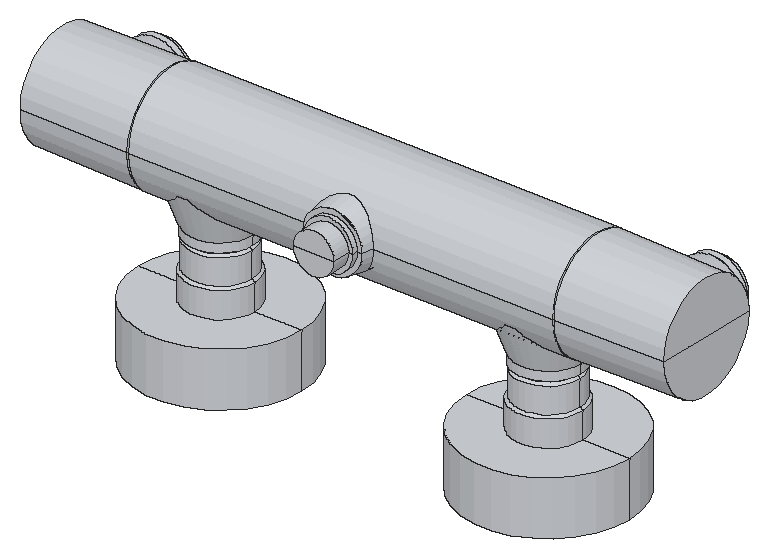
Revit family "ShowerMixer_Circular_Rs3_Thermostatic_Vitra_AquaHeatSeries-A47158", category Plumbing Fixtures, Revit 2017
Family settings
  Round Connector Dimension = Use Diameter
  Part Type = Normal
  OmniClass Number = 23.45.55.17
  OmniClass Title = Mixing Faucets
  Work Plane-Based = No
  Always vertical = No
  Cut with Voids When Loaded = No
  Shared = Yes
  Room Calculation Point = No
Parameters (values of type "ShowerMixer-Vitra-AquaHeatSeries-A47158")
  Youtube = "https://www.youtube.com/user/VitrAglobal"
  Width(mm) = 295 mm
  Weight Net (kg) = "2,370"
  Warranty Period (Year) = "10 Years"
  Uniformat II Description = "Plumbing Fixture"
  Uniformat II Code = "22 40 00"
  Uniclass 2015 Name = "Bath taps"
  Uniclass 2015 Code = "Pr_40_20_87_09"
  Uniclass 2.0 Description = "Bath taps"
  Uniclass 1.4 Description = "Mixer taps"
  Uniclass 2.0 Code = "Pr_40_20_87_09"
  Uniclass 1.4 Code = "L725111"
  URL = "https://vitraglobal.com/"
  UNSPSC Description = ""
  UNSPSC Code = "301815"
  Test Pressure = "16 bar"
  Technical description = "https://www.vitra.com.tr/pdf/A47158/"
  Tap hole Options (default) = ""
  Sustainability Performance = ""
  Specification = ""
  Region South America = "All"
  Region Oceania = "All"
  Region North America = "All"
  Region Middle East = "All"
  Region Europe = "All"
  Region Asia = "All"
  Region Antarctica = "All"
  Region Africa = "All"
  Range of flow pressure = "1 - 5 bar"
  Range of Hot Water Supply = "5 - 65 °C"
  Product url = ""
  Product group = "AquaHeat Shower Mixer"
  Product family = "AquaHeat"
  Product data url = "https://www.vitra.com.tr/armaturler/yikanma-alani-bataryalari/termostatik-bataryalar/aquaheat-rs3-dus-bataryasi-sku-A47158/"
  Product certification = "https://vitraglobal.com/catalogues/quality-certificates"
  Product Type = "Shower Mixer"
  Product SKU = "A47158"
  Product Properties = "Water Saving"
  Product Manual = ""
  Product Guid = ""
  Packaged Weight (kg) = ""
  Number Of Connections = 2 mm
  MountingType = "Wall Mounted"
  Min. flow pressure of = "0.5 bar"
  Main Material = "Brass"
  Hot Water temperature, factory set to = "38 °C"
  Hot Water Supply (max.) = "80 °C"
  HW Connection = yes
  GTIP code = ""
  Flow Rate(L/min. - 3 bar) = ""
  Features = ""
  EAN code = ""
  Date of publishing = ""
  Cost = 0
  Connection Diameter (mm) = 15 mm
  Coating Material = Chrome
  OmniClass Description = "Mixing Faucets"
  OmniClass Code = "23.45.55.17"
  Nominal width = "0.000"
  Nominal height = "0.000"
  NBS Referans Description = "Water supply fittings for baths"
  NBS Referans Code = "45-35-70/315"
  Model = "A47158"
  Masterformat 2014 Description = "Plumbing Fixtures"
  Masterformat 2014 Code = "22 40 00"
  Manufacturer name = "Vitra"
  Manufacturer = "Vitra"
  Installation instructions = ""
  IFC Classification = "Sanitary Terminal"
  Height(mm) = 78 mm
  Design country = "Turkey"
  Description = "Shower Mixer - Thermostatic"
  Depth(mm) = 112 mm
  Color = "Chrome"
  Calculated flow = ""
  CW Connection = yes
  COBIe Type Category = ""
  Brand = "Artema"
  BIMobject category = "Bath/Shower Mixer"
  Article No. (default) = "A47158"
  Approvals = ""
  ApplicationType = ""
  Accessories (default) = ""
Types (4, lengths in mm): name | Warranty Period (Year) | Technical description | Product data url | Product SKU | Model | Brand | Article No. (default)
  (no name) | "10 Years" | "https://www.vitra.com.tr/pdf/A47158/" | "https://www.vitra.com.tr/armaturler/yikanma-alani-bataryalari/termostatik-bataryalar/aquaheat-rs3-dus-bataryasi-sku-A47158/" | "A47158" | "A47158" | "Artema" | "A47158"
  ShowerMixer-Vitra-AquaHeatSeries-A47158 | "10 Years" | "https://www.vitra.com.tr/pdf/A47158/" | "https://www.vitra.com.tr/armaturler/yikanma-alani-bataryalari/termostatik-bataryalar/aquaheat-rs3-dus-bataryasi-sku-A47158/" | "A47158" | "A47158" | "Artema" | "A47158"
  ShowerMixer-Vitra-AquaHeatSeries-A47158EKM | "7 Years" | "http://cdn.vitra.com.tr/501-A47158EKM-2A.jpg" | "https://www.vitra-bad.fr/fr/produits-sanitaires/page-de-detail/product/aquaheat-rs3-mitigeur-thermostatique-douche-chrome-ecoulement-douche-12-1.html" | "A47158EKM" | "A47158EKM" | "VitrA" | "A47158EKM"
  ShowerMixer-Vitra-AquaHeatSeries-A47158EXP | "7 Years" | "https://www.vitra.com.tr/pdf/A47158/" | "https://www.vitra.com.tr/armaturler/yikanma-alani-bataryalari/termostatik-bataryalar/aquaheat-rs3-dus-bataryasi-sku-A47158/" | "A47158EXP" | "A47158EXP" | "VitrA" | "A47158EXP"
Reference planes
  plane 1 "Center (Front/Back)": y = 0
  plane 2: z = 0
  plane 3 "Center (Left/Right)": x = 0
  plane 4: y = 0
  plane 5: x = 147.4
  plane 6: x = -147.6
  plane 7: y = 37.5
  plane 8: y = -40.5
  plane 9: z = 112
Forms (mm)
  Revolve 1, solid
    sketch origin (147.4, 0, 87.402) x (1, 0, 0) y (0, 1, 0)
      loop
        line (-50.4, 22.651) -> (-50.4, 25) -> (-244.6, 25) -> (-244.6, 22.651) -> (-245.397, 22.651) -> (-245.397, 24.993) -> (-295, 24.127) -> (-295, 0) -> (0, 0) -> (0, 24.127) -> (-49.603, 24.993) -> (-49.603, 22.651) -> (-50.4, 22.651)
      axis (-295, 0) -> (0, 0)
    angle from 0 to 360
  Revolve 2, solid
    sketch origin (147.4, 0, 87.402) x (1, 0, 0) y (0, 1, 0)
      loop
        line (-5.947, 31.004) -> (-8.072, 31.004) -> (-8.072, 34.167)
        arc (-8.072, 34.167) -> (-13.997, 35.259) -> (-20.011, 35.625) r 49.604
        line (-20.011, 35.625) -> (-20.011, 13.457) -> (-2.291, 13.457) -> (-5.947, 28.119) -> (-5.947, 31.004)
      axis (-20.011, 35.625) -> (-20.011, 13.457)
    angle from 0 to 360
  Revolve 3, solid
    sketch origin (147.4, 0, 87.402) x (1, 0, 0) y (0, 1, 0)
      loop
        line (-147.4, -40.5) -> (-138.115, -40.5) -> (-138.115, -32.15) -> (-136.114, -32.15) -> (-136.114, -29.85) -> (-133.821, -29.85) -> (-129.571, -5.895) -> (-147.4, -5.895) -> (-147.4, -40.5)
      axis (-147.4, -5.895) -> (-147.4, -40.5)
    angle from 0 to 360
  Revolve 4, solid
    sketch origin (-147.4, 0, 87.402) x (-1, 0, 0) y (0, -1, 0)
      loop
        line (-5.747, -31.004) -> (-5.747, -28.119) -> (-2.091, -13.457) -> (-19.811, -13.457) -> (-19.811, -35.625)
        arc (-19.811, -35.625) -> (-13.797, -35.259) -> (-7.872, -34.167) r 49.604
        line (-7.872, -34.167) -> (-7.872, -31.004) -> (-5.747, -31.004)
      axis (-19.811, -35.625) -> (-19.811, -13.457)
    angle from 0 to 360
  Revolve 5, solid
    sketch origin (147.4, 0, 0) x (0, 0, 1) y (1, 0, 0)
      loop
        line (25, -34.9) -> (0, -34.9) -> (0, -72.4) -> (79.024, -72.4) -> (79.024, -49.106) -> (56.126, -57.44) -> (51.9, -57.44) -> (51.9, -61.938) -> (50.8, -61.938) -> (50.8, -58.982) -> (49.655, -57.837) -> (38.103, -57.837) -> (36.9, -56.635) -> (25, -56.635) -> (25, -34.9)
      axis (79.024, -72.4) -> (0, -72.4)
    angle from 0 to 360
  Revolve 6, solid
    sketch origin (-147.4, 0, 0) x (0, 0, 1) y (1, 0, 0)
      loop
        line (25, 34.7) -> (25, 56.435) -> (36.9, 56.435) -> (38.103, 57.637) -> (49.655, 57.637) -> (50.8, 58.782) -> (50.8, 61.738) -> (51.9, 61.738) -> (51.9, 57.24) -> (56.126, 57.24) -> (80.099, 48.515) -> (80.099, 72.2) -> (0, 72.2) -> (0, 34.7) -> (25, 34.7)
      axis (80.099, 72.2) -> (0, 72.2)
    angle from 0 to 360
Dimensions and locks
  "Width(mm)": plane 6 to plane 5
  "Height(mm)": plane 7 to plane 8
Automatic sketch dimensions
  plane 1 "Center (Front/Back)" to Revolve 1 sketch curve = 0 mm  (x2)
  Revolve 1 sketch curve to plane 6 = 0 mm
  Revolve 1 sketch curve to plane 5 = 0 mm
  Revolve 1 sketch curve to plane 7 = 12.507 mm  (x2)
  Revolve 1 sketch curve to plane 6 = 49.603 mm
  Revolve 1 sketch curve to Revolve 1 sketch curve = 0.797 mm  (x2)
  Revolve 1 sketch curve to plane 7 = 12.5 mm
  plane 5 to Revolve 1 sketch curve = 50.4 mm
  Revolve 1 sketch curve to Revolve 1 sketch curve = 2.342 mm  (x2)
  Revolve 1 sketch curve to plane 7 = 13.373 mm  (x2)
  Revolve 1 sketch curve to plane 3 "Center (Left/Right)" = 7.7 mm
  plane 3 "Center (Left/Right)" to Revolve 1 sketch curve = 49.45 mm
  plane 5 to Revolve 2 sketch curve = 20.011 mm
  Revolve 2 sketch curve to plane 7 = 3.333 mm
  plane 5 to Revolve 2 sketch curve = 8.072 mm
  Revolve 2 sketch curve to Revolve 2 sketch curve = 2.126 mm
  plane 5 to Revolve 2 sketch curve = 2.291 mm
  Revolve 2 sketch curve to Revolve 2 sketch curve = 3.164 mm
  Revolve 2 sketch curve to Revolve 2 sketch curve = 2.884 mm
  Revolve 2 sketch curve to plane 1 "Center (Front/Back)" = 13.457 mm
  plane 1 "Center (Front/Back)" to Revolve 2 sketch curve = 13.978 mm
  Revolve 2 sketch curve to Revolve 2 sketch curve = 0 mm
  Revolve 2 sketch curve to Revolve 2 sketch curve = 9.256 mm
  Revolve 2 sketch curve to Revolve 2 sketch curve = 5.096 mm
  Revolve 3 sketch curve to plane 3 "Center (Left/Right)" = 0 mm  (x2)
  Revolve 3 sketch curve to plane 8 = 0 mm
  plane 3 "Center (Left/Right)" to Revolve 3 sketch curve = 9.285 mm
  Revolve 3 sketch curve to Revolve 3 sketch curve = 2.001 mm
  Revolve 3 sketch curve to Revolve 3 sketch curve = 2.293 mm
  plane 1 "Center (Front/Back)" to Revolve 3 sketch curve = 5.895 mm
  plane 3 "Center (Left/Right)" to Revolve 3 sketch curve = 17.829 mm
  plane 8 to Revolve 3 sketch curve = 8.35 mm
  Revolve 3 sketch curve to Revolve 3 sketch curve = 2.3 mm
  Revolve 3 sketch curve to Revolve 3 sketch curve = 9.131 mm
  Revolve 3 sketch curve to Revolve 3 sketch curve = 3.631 mm
  Revolve 4 sketch curve to plane 6 = 20.011 mm
  Revolve 4 sketch curve to plane 7 = 3.333 mm
  Revolve 4 sketch curve to plane 6 = 8.072 mm
  Revolve 4 sketch curve to Revolve 4 sketch curve = 2.126 mm
  Revolve 4 sketch curve to plane 6 = 2.291 mm
  Revolve 4 sketch curve to Revolve 4 sketch curve = 1.458 mm
  Revolve 4 sketch curve to Revolve 4 sketch curve = 3.164 mm
  Revolve 4 sketch curve to Revolve 4 sketch curve = 2.884 mm
  Revolve 4 sketch curve to plane 1 "Center (Front/Back)" = 13.457 mm
  Revolve 4 sketch curve to Revolve 4 sketch curve = 0 mm
  Revolve 4 sketch curve to Revolve 4 sketch curve = 9.256 mm
  Revolve 4 sketch curve to Revolve 4 sketch curve = 5.096 mm
  Revolve 5 sketch curve to level = 0 mm
  level to Revolve 5 sketch curve = 25 mm
  Revolve 5 sketch curve to Revolve 5 sketch curve = 11.9 mm
  Revolve 5 sketch curve to Revolve 5 sketch curve = 1.203 mm  (x2)
  Revolve 5 sketch curve to Revolve 5 sketch curve = 11.552 mm
  Revolve 5 sketch curve to Revolve 5 sketch curve = 1.145 mm  (x2)
  Revolve 5 sketch curve to Revolve 5 sketch curve = 1.1 mm
  Revolve 5 sketch curve to Revolve 5 sketch curve = 4.226 mm
  Revolve 5 sketch curve to Revolve 5 sketch curve = 22.899 mm
  plane 5 to Revolve 5 sketch curve = 72.4 mm
  Revolve 5 sketch curve to Revolve 5 sketch curve = 10.462 mm  (x2)
  Revolve 5 sketch curve to Revolve 5 sketch curve = 2.955 mm
  Revolve 5 sketch curve to Revolve 5 sketch curve = 1.542 mm
  Revolve 5 sketch curve to Revolve 5 sketch curve = 23.294 mm
  Revolve 5 sketch curve to Revolve 5 sketch curve = 21.735 mm
  Revolve 5 sketch curve to Revolve 5 sketch curve = 8.968 mm
  Revolve 5 sketch curve to Revolve 5 sketch curve = 8.982 mm
  Revolve 6 sketch curve to level = 0 mm
  level to Revolve 6 sketch curve = 25 mm
  Revolve 6 sketch curve to Revolve 6 sketch curve = 11.9 mm
  Revolve 6 sketch curve to Revolve 6 sketch curve = 1.203 mm
  Revolve 6 sketch curve to Revolve 6 sketch curve = 11.552 mm
  Revolve 6 sketch curve to Revolve 6 sketch curve = 1.145 mm  (x2)
  Revolve 6 sketch curve to Revolve 6 sketch curve = 1.1 mm
  Revolve 6 sketch curve to Revolve 6 sketch curve = 4.226 mm
  Revolve 6 sketch curve to Revolve 6 sketch curve = 23.974 mm
  Revolve 6 sketch curve to plane 6 = 34.9 mm
  Revolve 6 sketch curve to plane 6 = 48.715 mm
  Revolve 6 sketch curve to Revolve 6 sketch curve = 21.735 mm
  Revolve 6 sketch curve to Revolve 6 sketch curve = 0.806 mm
  Revolve 6 sketch curve to Revolve 6 sketch curve = 0.397 mm
  Revolve 6 sketch curve to Revolve 6 sketch curve = 2.955 mm
  Revolve 6 sketch curve to Revolve 6 sketch curve = 23.685 mm
  Revolve 6 sketch curve to Revolve 6 sketch curve = 8.968 mm
  Revolve 6 sketch curve to Revolve 6 sketch curve = 8.982 mm
  Revolve 6 sketch curve to Revolve 6 sketch curve = 10.462 mm
Connectors
  piping at (75, 0, 0), diameter 15
    settings: on Revolve 5, index 1, connector inside diameter 609.6 mm, connector length 0 mm, flow factor 0, pipe flow 0.0 L/s, pressure drop 0.0 Pa, fitting loss kfactor 0, connector angle 0.00°, fixture units 0, engagement length 0 mm, angle of deflection 0.00°, flow configuration 0, flow direction 1, fitting loss method 0, system type 20, joint type 0, gender type 0, connector reference index -1, connector utility 0, adjustable connector no, is connector primary yes, connector description ""
  piping at (-75.2, 0, 0), diameter 15
    settings: on Revolve 6, index 2, connector inside diameter 609.6 mm, connector length 0 mm, flow factor 0, pipe flow 0.0 L/s, pressure drop 0.0 Pa, fitting loss kfactor 0, connector angle 0.00°, fixture units 0, engagement length 0 mm, angle of deflection 0.00°, flow configuration 0, flow direction 1, fitting loss method 0, system type 19, joint type 0, gender type 0, connector reference index -1, connector utility 0, adjustable connector no, is connector primary no, connector description ""
